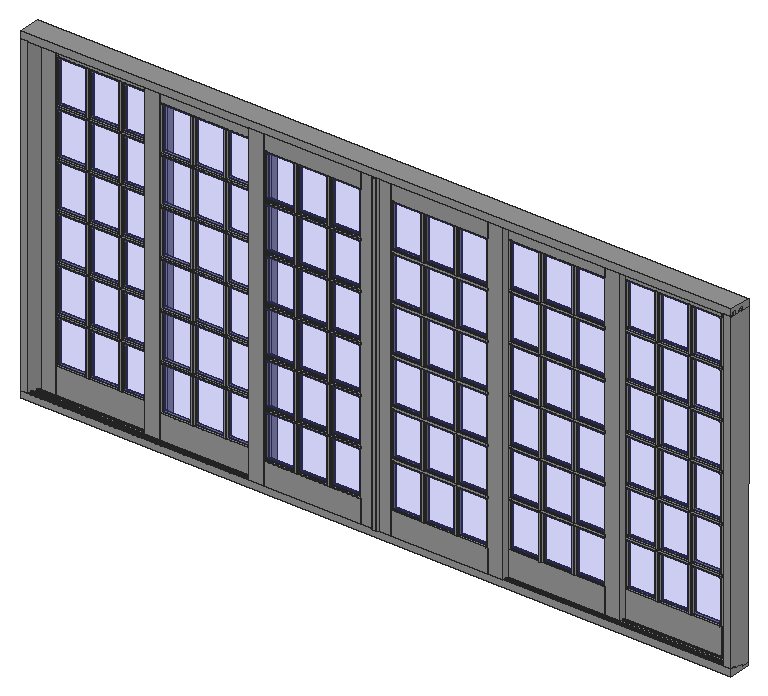
Revit family "VSD4.6SPCOTS", category Doors, host Wall, Revit 2015 (continued)
Forms (mm)
  Extrusion 72, solid, material "Lauan, Meranti"
    sketch origin (55, -101, 0) x (-1, 0, 0) y (0, -1, 0)
      loop
        line (551.68, -39) -> (549.68, -39) -> (549.68, -41) -> (558.68, -41) -> (558.68, -71) -> (571.68, -71) -> (571.68, -41) -> (580.68, -41) -> (580.68, -39) -> (578.68, -39)
        arc (578.68, -39) -> (576.35, -34.634) -> (571.68, -33) r 6.807
        line (571.68, -33) -> (571.68, -31) -> (558.68, -31)
    from 1675 to 1959
  Sweep 73, solid, material "Lauan, Meranti"
    path origin (9.715, -176, -781.763) x (-1, 0, 0) y (0, 0, -1)
      loop
        line (316.075, -2740.763) -> (513.395, -2740.763) -> (513.395, -2456.763) -> (316.075, -2456.763) -> (316.075, -2740.763)
    profile origin (-405.02, -176, 1959) x (0, 0, -1) y (0, -1, 0)
      loop
        line (9, -124.5) -> (0, -124.5) -> (0, -132.5)
        arc (0, -132.5) -> (4.67, -130.866) -> (7, -126.5) r 6.807
        line (7, -126.5) -> (9, -126.5) -> (9, -124.5)
  Sweep 74, solid, material "Lauan, Meranti"
    path origin (220.055, -176, -781.763) x (-1, 0, 0) y (0, 0, -1)
      loop
        line (316.075, -2740.763) -> (513.395, -2740.763) -> (513.395, -2456.763) -> (316.075, -2456.763) -> (316.075, -2740.763)
    profile origin (-194.68, -176, 1959) x (0, 0, -1) y (0, -1, 0)
      loop
        line (9, -124.5) -> (0, -124.5) -> (0, -132.5)
        arc (0, -132.5) -> (4.67, -130.866) -> (7, -126.5) r 6.807
        line (7, -126.5) -> (9, -126.5) -> (9, -124.5)
  Sweep 75, solid, material "Lauan, Meranti"
    path origin (-200.605, -176, -1078.763) x (-1, 0, 0) y (0, 0, -1)
      loop
        line (316.075, -2740.763) -> (513.395, -2740.763) -> (513.395, -2456.763) -> (316.075, -2456.763) -> (316.075, -2740.763)
    profile origin (-615.34, -176, 1662) x (0, 0, -1) y (0, -1, 0)
      loop
        line (9, -124.5) -> (0, -124.5) -> (0, -132.5)
        arc (0, -132.5) -> (4.67, -130.866) -> (7, -126.5) r 6.807
        line (7, -126.5) -> (9, -126.5) -> (9, -124.5)
  Extrusion 76, solid, material "Lauan, Meranti"
    sketch origin (55, -101, -297) x (-1, 0, 0) y (0, -1, 0)
      loop
        line (348.34, -31) -> (348.34, -33)
        arc (348.34, -33) -> (343.67, -34.634) -> (341.34, -39) r 6.807
        line (341.34, -39) -> (339.34, -39) -> (339.34, -41) -> (348.34, -41) -> (348.34, -71) -> (361.34, -71) -> (361.34, -41) -> (370.34, -41) -> (370.34, -39) -> (368.34, -39)
        arc (368.34, -39) -> (366.01, -34.634) -> (361.34, -33) r 6.807
        line (361.34, -33) -> (361.34, -31) -> (348.34, -31)
      loop
        line (558.68, -31) -> (558.68, -33)
        arc (558.68, -33) -> (554.01, -34.634) -> (551.68, -39) r 6.807
        line (551.68, -39) -> (549.68, -39) -> (549.68, -41) -> (558.68, -41) -> (558.68, -71) -> (571.68, -71) -> (571.68, -41) -> (580.68, -41) -> (580.68, -39) -> (578.68, -39)
        arc (578.68, -39) -> (576.35, -34.634) -> (571.68, -33) r 6.807
        line (571.68, -33) -> (571.68, -31) -> (558.68, -31)
    from 1675 to 1959
  Sweep 77, solid, material "Lauan, Meranti"
    path origin (9.715, -176, -1078.763) x (-1, 0, 0) y (0, 0, -1)
      loop
        line (316.075, -2740.763) -> (513.395, -2740.763) -> (513.395, -2456.763) -> (316.075, -2456.763) -> (316.075, -2740.763)
    profile origin (-405.02, -176, 1662) x (0, 0, -1) y (0, -1, 0)
      loop
        line (9, -124.5) -> (0, -124.5) -> (0, -132.5)
        arc (0, -132.5) -> (4.67, -130.866) -> (7, -126.5) r 6.807
        line (7, -126.5) -> (9, -126.5) -> (9, -124.5)
  Sweep 78, solid, material "Lauan, Meranti"
    path origin (220.055, -176, -1078.763) x (-1, 0, 0) y (0, 0, -1)
      loop
        line (316.075, -2740.763) -> (513.395, -2740.763) -> (513.395, -2456.763) -> (316.075, -2456.763) -> (316.075, -2740.763)
    profile origin (-194.68, -176, 1662) x (0, 0, -1) y (0, -1, 0)
      loop
        line (9, -124.5) -> (0, -124.5) -> (0, -132.5)
        arc (0, -132.5) -> (4.67, -130.866) -> (7, -126.5) r 6.807
        line (7, -126.5) -> (9, -126.5) -> (9, -124.5)
  Sweep 79, solid, material "Lauan, Meranti"
    path origin (-200.605, -176, -1375.763) x (-1, 0, 0) y (0, 0, -1)
      loop
        line (316.075, -2740.763) -> (513.395, -2740.763) -> (513.395, -2456.763) -> (316.075, -2456.763) -> (316.075, -2740.763)
    profile origin (-615.34, -176, 1365) x (0, 0, -1) y (0, -1, 0)
      loop
        line (9, -124.5) -> (0, -124.5) -> (0, -132.5)
        arc (0, -132.5) -> (4.67, -130.866) -> (7, -126.5) r 6.807
        line (7, -126.5) -> (9, -126.5) -> (9, -124.5)
  Extrusion 80, solid, material "Lauan, Meranti"
    sketch origin (55, -101, -594) x (-1, 0, 0) y (0, -1, 0)
      loop
        line (348.34, -31) -> (348.34, -33)
        arc (348.34, -33) -> (343.67, -34.634) -> (341.34, -39) r 6.807
        line (341.34, -39) -> (339.34, -39) -> (339.34, -41) -> (348.34, -41) -> (348.34, -71) -> (361.34, -71) -> (361.34, -41) -> (370.34, -41) -> (370.34, -39) -> (368.34, -39)
        arc (368.34, -39) -> (366.01, -34.634) -> (361.34, -33) r 6.807
        line (361.34, -33) -> (361.34, -31) -> (348.34, -31)
      loop
        line (558.68, -31) -> (558.68, -33)
        arc (558.68, -33) -> (554.01, -34.634) -> (551.68, -39) r 6.807
        line (551.68, -39) -> (549.68, -39) -> (549.68, -41) -> (558.68, -41) -> (558.68, -71) -> (571.68, -71) -> (571.68, -41) -> (580.68, -41) -> (580.68, -39) -> (578.68, -39)
        arc (578.68, -39) -> (576.35, -34.634) -> (571.68, -33) r 6.807
        line (571.68, -33) -> (571.68, -31) -> (558.68, -31)
    from 1675 to 1959
  Sweep 81, solid, material "Lauan, Meranti"
    path origin (9.715, -176, -1375.763) x (-1, 0, 0) y (0, 0, -1)
      loop
        line (316.075, -2740.763) -> (513.395, -2740.763) -> (513.395, -2456.763) -> (316.075, -2456.763) -> (316.075, -2740.763)
    profile origin (-405.02, -176, 1365) x (0, 0, -1) y (0, -1, 0)
      loop
        line (9, -124.5) -> (0, -124.5) -> (0, -132.5)
        arc (0, -132.5) -> (4.67, -130.866) -> (7, -126.5) r 6.807
        line (7, -126.5) -> (9, -126.5) -> (9, -124.5)
  Sweep 82, solid, material "Lauan, Meranti"
    path origin (220.055, -176, -1375.763) x (-1, 0, 0) y (0, 0, -1)
      loop
        line (316.075, -2740.763) -> (513.395, -2740.763) -> (513.395, -2456.763) -> (316.075, -2456.763) -> (316.075, -2740.763)
    profile origin (-194.68, -176, 1365) x (0, 0, -1) y (0, -1, 0)
      loop
        line (9, -124.5) -> (0, -124.5) -> (0, -132.5)
        arc (0, -132.5) -> (4.67, -130.866) -> (7, -126.5) r 6.807
        line (7, -126.5) -> (9, -126.5) -> (9, -124.5)
  Sweep 83, solid, material "Lauan, Meranti"
    path origin (-200.605, -176, -1672.763) x (-1, 0, 0) y (0, 0, -1)
      loop
        line (316.075, -2740.763) -> (513.395, -2740.763) -> (513.395, -2456.763) -> (316.075, -2456.763) -> (316.075, -2740.763)
    profile origin (-615.34, -176, 1068) x (0, 0, -1) y (0, -1, 0)
      loop
        line (9, -124.5) -> (0, -124.5) -> (0, -132.5)
        arc (0, -132.5) -> (4.67, -130.866) -> (7, -126.5) r 6.807
        line (7, -126.5) -> (9, -126.5) -> (9, -124.5)
  Extrusion 84, solid, material "Lauan, Meranti"
    sketch origin (55, -101, -891) x (-1, 0, 0) y (0, -1, 0)
      loop
        line (348.34, -31) -> (348.34, -33)
        arc (348.34, -33) -> (343.67, -34.634) -> (341.34, -39) r 6.807
        line (341.34, -39) -> (339.34, -39) -> (339.34, -41) -> (348.34, -41) -> (348.34, -71) -> (361.34, -71) -> (361.34, -41) -> (370.34, -41) -> (370.34, -39) -> (368.34, -39)
        arc (368.34, -39) -> (366.01, -34.634) -> (361.34, -33) r 6.807
        line (361.34, -33) -> (361.34, -31) -> (348.34, -31)
      loop
        line (558.68, -31) -> (558.68, -33)
        arc (558.68, -33) -> (554.01, -34.634) -> (551.68, -39) r 6.807
        line (551.68, -39) -> (549.68, -39) -> (549.68, -41) -> (558.68, -41) -> (558.68, -71) -> (571.68, -71) -> (571.68, -41) -> (580.68, -41) -> (580.68, -39) -> (578.68, -39)
        arc (578.68, -39) -> (576.35, -34.634) -> (571.68, -33) r 6.807
        line (571.68, -33) -> (571.68, -31) -> (558.68, -31)
    from 1675 to 1959
  Sweep 85, solid, material "Lauan, Meranti"
    path origin (9.715, -176, -1672.763) x (-1, 0, 0) y (0, 0, -1)
      loop
        line (316.075, -2740.763) -> (513.395, -2740.763) -> (513.395, -2456.763) -> (316.075, -2456.763) -> (316.075, -2740.763)
    profile origin (-405.02, -176, 1068) x (0, 0, -1) y (0, -1, 0)
      loop
        line (9, -124.5) -> (0, -124.5) -> (0, -132.5)
        arc (0, -132.5) -> (4.67, -130.866) -> (7, -126.5) r 6.807
        line (7, -126.5) -> (9, -126.5) -> (9, -124.5)
  Sweep 86, solid, material "Lauan, Meranti"
    path origin (220.055, -176, -1672.763) x (-1, 0, 0) y (0, 0, -1)
      loop
        line (316.075, -2740.763) -> (513.395, -2740.763) -> (513.395, -2456.763) -> (316.075, -2456.763) -> (316.075, -2740.763)
    profile origin (-194.68, -176, 1068) x (0, 0, -1) y (0, -1, 0)
      loop
        line (9, -124.5) -> (0, -124.5) -> (0, -132.5)
        arc (0, -132.5) -> (4.67, -130.866) -> (7, -126.5) r 6.807
        line (7, -126.5) -> (9, -126.5) -> (9, -124.5)
  Sweep 87, solid, material "Lauan, Meranti"
    path origin (-200.605, -176, -1969.763) x (-1, 0, 0) y (0, 0, -1)
      loop
        line (316.075, -2740.763) -> (513.395, -2740.763) -> (513.395, -2456.763) -> (316.075, -2456.763) -> (316.075, -2740.763)
    profile origin (-615.34, -176, 771) x (0, 0, -1) y (0, -1, 0)
      loop
        line (9, -124.5) -> (0, -124.5) -> (0, -132.5)
        arc (0, -132.5) -> (4.67, -130.866) -> (7, -126.5) r 6.807
        line (7, -126.5) -> (9, -126.5) -> (9, -124.5)
  Extrusion 88, solid, material "Lauan, Meranti"
    sketch origin (55, -101, -1188) x (-1, 0, 0) y (0, -1, 0)
      loop
        line (348.34, -31) -> (348.34, -33)
        arc (348.34, -33) -> (343.67, -34.634) -> (341.34, -39) r 6.807
        line (341.34, -39) -> (339.34, -39) -> (339.34, -41) -> (348.34, -41) -> (348.34, -71) -> (361.34, -71) -> (361.34, -41) -> (370.34, -41) -> (370.34, -39) -> (368.34, -39)
        arc (368.34, -39) -> (366.01, -34.634) -> (361.34, -33) r 6.807
        line (361.34, -33) -> (361.34, -31) -> (348.34, -31)
      loop
        line (558.68, -31) -> (558.68, -33)
        arc (558.68, -33) -> (554.01, -34.634) -> (551.68, -39) r 6.807
        line (551.68, -39) -> (549.68, -39) -> (549.68, -41) -> (558.68, -41) -> (558.68, -71) -> (571.68, -71) -> (571.68, -41) -> (580.68, -41) -> (580.68, -39) -> (578.68, -39)
        arc (578.68, -39) -> (576.35, -34.634) -> (571.68, -33) r 6.807
        line (571.68, -33) -> (571.68, -31) -> (558.68, -31)
    from 1675 to 1959
  Sweep 89, solid, material "Lauan, Meranti"
    path origin (9.715, -176, -1969.763) x (-1, 0, 0) y (0, 0, -1)
      loop
        line (316.075, -2740.763) -> (513.395, -2740.763) -> (513.395, -2456.763) -> (316.075, -2456.763) -> (316.075, -2740.763)
    profile origin (-405.02, -176, 771) x (0, 0, -1) y (0, -1, 0)
      loop
        line (9, -124.5) -> (0, -124.5) -> (0, -132.5)
        arc (0, -132.5) -> (4.67, -130.866) -> (7, -126.5) r 6.807
        line (7, -126.5) -> (9, -126.5) -> (9, -124.5)
  Sweep 90, solid, material "Lauan, Meranti"
    path origin (220.055, -176, -1969.763) x (-1, 0, 0) y (0, 0, -1)
      loop
        line (316.075, -2740.763) -> (513.395, -2740.763) -> (513.395, -2456.763) -> (316.075, -2456.763) -> (316.075, -2740.763)
    profile origin (-194.68, -176, 771) x (0, 0, -1) y (0, -1, 0)
      loop
        line (9, -124.5) -> (0, -124.5) -> (0, -132.5)
        arc (0, -132.5) -> (4.67, -130.866) -> (7, -126.5) r 6.807
        line (7, -126.5) -> (9, -126.5) -> (9, -124.5)
  Sweep 91, solid, material "Lauan, Meranti"
    path origin (-200.605, -176, -2266.763) x (-1, 0, 0) y (0, 0, -1)
      loop
        line (316.075, -2740.763) -> (513.395, -2740.763) -> (513.395, -2456.763) -> (316.075, -2456.763) -> (316.075, -2740.763)
    profile origin (-615.34, -176, 474) x (0, 0, -1) y (0, -1, 0)
      loop
        line (9, -124.5) -> (0, -124.5) -> (0, -132.5)
        arc (0, -132.5) -> (4.67, -130.866) -> (7, -126.5) r 6.807
        line (7, -126.5) -> (9, -126.5) -> (9, -124.5)
  Extrusion 92, solid, material "Lauan, Meranti"
    sketch origin (55, -101, -1485) x (-1, 0, 0) y (0, -1, 0)
      loop
        line (348.34, -31) -> (348.34, -33)
        arc (348.34, -33) -> (343.67, -34.634) -> (341.34, -39) r 6.807
        line (341.34, -39) -> (339.34, -39) -> (339.34, -41) -> (348.34, -41) -> (348.34, -71) -> (361.34, -71) -> (361.34, -41) -> (370.34, -41) -> (370.34, -39) -> (368.34, -39)
        arc (368.34, -39) -> (366.01, -34.634) -> (361.34, -33) r 6.807
        line (361.34, -33) -> (361.34, -31) -> (348.34, -31)
      loop
        line (558.68, -31) -> (558.68, -33)
        arc (558.68, -33) -> (554.01, -34.634) -> (551.68, -39) r 6.807
        line (551.68, -39) -> (549.68, -39) -> (549.68, -41) -> (558.68, -41) -> (558.68, -71) -> (571.68, -71) -> (571.68, -41) -> (580.68, -41) -> (580.68, -39) -> (578.68, -39)
        arc (578.68, -39) -> (576.35, -34.634) -> (571.68, -33) r 6.807
        line (571.68, -33) -> (571.68, -31) -> (558.68, -31)
    from 1675 to 1959
  Sweep 93, solid, material "Lauan, Meranti"
    path origin (9.715, -176, -2266.763) x (-1, 0, 0) y (0, 0, -1)
      loop
        line (316.075, -2740.763) -> (513.395, -2740.763) -> (513.395, -2456.763) -> (316.075, -2456.763) -> (316.075, -2740.763)
    profile origin (-405.02, -176, 474) x (0, 0, -1) y (0, -1, 0)
      loop
        line (9, -124.5) -> (0, -124.5) -> (0, -132.5)
        arc (0, -132.5) -> (4.67, -130.866) -> (7, -126.5) r 6.807
        line (7, -126.5) -> (9, -126.5) -> (9, -124.5)
  Sweep 94, solid, material "Lauan, Meranti"
    path origin (220.055, -176, -2266.763) x (-1, 0, 0) y (0, 0, -1)
      loop
        line (316.075, -2740.763) -> (513.395, -2740.763) -> (513.395, -2456.763) -> (316.075, -2456.763) -> (316.075, -2740.763)
    profile origin (-194.68, -176, 474) x (0, 0, -1) y (0, -1, 0)
      loop
        line (9, -124.5) -> (0, -124.5) -> (0, -132.5)
        arc (0, -132.5) -> (4.67, -130.866) -> (7, -126.5) r 6.807
        line (7, -126.5) -> (9, -126.5) -> (9, -124.5)
  Extrusion 95, solid, material "Glass"
    sketch origin (-473.125, -165.05, -73.649) x (-1, 0, 0) y (0, 0, -1)
      loop
        line (43.555, -2032.649) -> (240.865, -2032.649) -> (240.865, -1748.66) -> (43.555, -1748.66) -> (43.555, -2032.649)
      loop
        line (43.565, -1735.638) -> (240.875, -1735.638) -> (240.875, -1451.649) -> (43.565, -1451.649) -> (43.565, -1735.638)
      loop
        line (43.565, -1438.638) -> (240.865, -1438.638) -> (240.865, -1154.66) -> (43.565, -1154.66) -> (43.565, -1438.638)
      loop
        line (43.565, -1141.638) -> (240.865, -1141.638) -> (240.865, -857.66) -> (43.565, -857.66) -> (43.565, -1141.638)
      loop
        line (43.565, -844.638) -> (240.875, -844.638) -> (240.875, -560.649) -> (43.565, -560.649) -> (43.565, -844.638)
      loop
        line (43.555, -547.649) -> (240.875, -547.649) -> (240.875, -263.649) -> (43.555, -263.649) -> (43.555, -547.649)
      loop
        line (-166.765, -2032.649) -> (30.545, -2032.649) -> (30.545, -1748.66) -> (-166.765, -1748.66) -> (-166.765, -2032.649)
      loop
        line (-166.755, -1735.638) -> (30.555, -1735.638) -> (30.555, -1451.649) -> (-166.755, -1451.649) -> (-166.755, -1735.638)
      loop
        line (-166.755, -1438.638) -> (30.545, -1438.638) -> (30.545, -1154.66) -> (-166.755, -1154.66) -> (-166.755, -1438.638)
      loop
        line (-166.755, -1141.638) -> (30.545, -1141.638) -> (30.545, -857.66) -> (-166.755, -857.66) -> (-166.755, -1141.638)
      loop
        line (-166.755, -844.638) -> (30.555, -844.638) -> (30.555, -560.649) -> (-166.755, -560.649) -> (-166.755, -844.638)
      loop
        line (-166.765, -547.649) -> (30.555, -547.649) -> (30.555, -263.649) -> (-166.765, -263.649) -> (-166.765, -547.649)
      loop
        line (-377.125, -2032.649) -> (-179.815, -2032.649) -> (-179.815, -1748.66) -> (-377.125, -1748.66) -> (-377.125, -2032.649)
      loop
        line (-377.115, -1735.638) -> (-179.805, -1735.638) -> (-179.805, -1451.649) -> (-377.115, -1451.649) -> (-377.115, -1735.638)
      loop
        line (-377.115, -1438.638) -> (-179.815, -1438.638) -> (-179.815, -1154.66) -> (-377.115, -1154.66) -> (-377.115, -1438.638)
      loop
        line (-377.115, -1141.638) -> (-179.815, -1141.638) -> (-179.815, -857.66) -> (-377.115, -857.66) -> (-377.115, -1141.638)
      loop
        line (-377.115, -844.638) -> (-179.805, -844.638) -> (-179.805, -560.649) -> (-377.115, -560.649) -> (-377.115, -844.638)
      loop
        line (-377.125, -547.649) -> (-179.805, -547.649) -> (-179.805, -263.649) -> (-377.125, -263.649) -> (-377.125, -547.649)
    from -112.5 to -106.1
  Extrusion 96, solid, material "Lauan, Meranti"
    sketch origin (2375, 49.5, 0) x (0, 1, 0) y (0, 0, 1)
      loop
        line (-15.5, 190) -> (-15.5, 21) -> (24.5, 21) -> (24.5, 190) -> (-5.5, 190) -> (-5.5, 199) -> (-7.5, 199) -> (-7.5, 197)
        arc (-7.5, 197) -> (-11.866, 194.67) -> (-13.5, 190) r 6.807
        line (-13.5, 190) -> (-15.5, 190)
      loop
        line (-7.5, 1952) -> (-7.5, 1950) -> (-5.5, 1950) -> (-5.5, 1959) -> (24.5, 1959) -> (24.5, 2055) -> (-15.5, 2055) -> (-15.5, 1959) -> (-13.5, 1959)
        arc (-13.5, 1959) -> (-11.866, 1954.33) -> (-7.5, 1952) r 6.807
      loop
        line (-15.5, 1675) -> (-15.5, 1662) -> (-13.5, 1662)
        arc (-13.5, 1662) -> (-11.866, 1657.33) -> (-7.5, 1655) r 6.807
        line (-7.5, 1655) -> (-7.5, 1653) -> (-5.5, 1653) -> (-5.5, 1662) -> (24.5, 1662) -> (24.5, 1675) -> (-5.5, 1675) -> (-5.5, 1684) -> (-7.5, 1684) -> (-7.5, 1682)
        arc (-7.5, 1682) -> (-11.866, 1679.67) -> (-13.5, 1675) r 6.807
        line (-13.5, 1675) -> (-15.5, 1675)
      loop
        line (-15.5, 1378) -> (-15.5, 1365) -> (-13.5, 1365)
        arc (-13.5, 1365) -> (-11.866, 1360.33) -> (-7.5, 1358) r 6.807
        line (-7.5, 1358) -> (-7.5, 1356) -> (-5.5, 1356) -> (-5.5, 1365) -> (24.5, 1365) -> (24.5, 1378) -> (-5.5, 1378) -> (-5.5, 1387) -> (-7.5, 1387) -> (-7.5, 1385)
        arc (-7.5, 1385) -> (-11.866, 1382.67) -> (-13.5, 1378) r 6.807
        line (-13.5, 1378) -> (-15.5, 1378)
      loop
        line (-15.5, 1081) -> (-15.5, 1068) -> (-13.5, 1068)
        arc (-13.5, 1068) -> (-11.866, 1063.33) -> (-7.5, 1061) r 6.807
        line (-7.5, 1061) -> (-7.5, 1059) -> (-5.5, 1059) -> (-5.5, 1068) -> (24.5, 1068) -> (24.5, 1081) -> (-5.5, 1081) -> (-5.5, 1090) -> (-7.5, 1090) -> (-7.5, 1088)
        arc (-7.5, 1088) -> (-11.866, 1085.67) -> (-13.5, 1081) r 6.807
        line (-13.5, 1081) -> (-15.5, 1081)
      loop
        line (-15.5, 784) -> (-15.5, 771) -> (-13.5, 771)
        arc (-13.5, 771) -> (-11.866, 766.33) -> (-7.5, 764) r 6.807
        line (-7.5, 764) -> (-7.5, 762) -> (-5.5, 762) -> (-5.5, 771) -> (24.5, 771) -> (24.5, 784) -> (-5.5, 784) -> (-5.5, 793) -> (-7.5, 793) -> (-7.5, 791)
        arc (-7.5, 791) -> (-11.866, 788.67) -> (-13.5, 784) r 6.807
        line (-13.5, 784) -> (-15.5, 784)
      loop
        line (-15.5, 487) -> (-15.5, 474) -> (-13.5, 474)
        arc (-13.5, 474) -> (-11.866, 469.33) -> (-7.5, 467) r 6.807
        line (-7.5, 467) -> (-7.5, 465) -> (-5.5, 465) -> (-5.5, 474) -> (24.5, 474) -> (24.5, 487) -> (-5.5, 487) -> (-5.5, 496) -> (-7.5, 496) -> (-7.5, 494)
        arc (-7.5, 494) -> (-11.866, 491.67) -> (-13.5, 487) r 6.807
        line (-13.5, 487) -> (-15.5, 487)
    from -869 to -251
  Sweep 97, solid, material "Lauan, Meranti"
    path origin (1610.605, -72, -781.763) x (1, 0, 0) y (0, 0, 1)
      loop
        line (316.075, 2740.763) -> (316.075, 2456.763) -> (513.395, 2456.763) -> (513.395, 2740.763) -> (316.075, 2740.763)
    profile origin (2025.34, -72, 1959) x (0, 0, 1) y (0, -1, 0)
      loop
        line (-9, -124.5) -> (-9, -126.5) -> (-7, -126.5)
        arc (-7, -126.5) -> (-4.67, -130.866) -> (0, -132.5) r 6.807
        line (0, -132.5) -> (0, -124.5) -> (-9, -124.5)
  Extrusion 98, solid, material "Glass"
    sketch origin (1883.125, -61.05, -73.649) x (1, 0, 0) y (0, 0, 1)
      loop
        line (43.555, 2032.649) -> (43.555, 1748.66) -> (240.865, 1748.66) -> (240.865, 2032.649) -> (43.555, 2032.649)
      loop
        line (43.565, 1735.638) -> (43.565, 1451.649) -> (240.875, 1451.649) -> (240.875, 1735.638) -> (43.565, 1735.638)
      loop
        line (43.565, 1438.638) -> (43.565, 1154.66) -> (240.865, 1154.66) -> (240.865, 1438.638) -> (43.565, 1438.638)
      loop
        line (43.565, 1141.638) -> (43.565, 857.66) -> (240.865, 857.66) -> (240.865, 1141.638) -> (43.565, 1141.638)
      loop
        line (43.565, 844.638) -> (43.565, 560.649) -> (240.875, 560.649) -> (240.875, 844.638) -> (43.565, 844.638)
      loop
        line (43.555, 547.649) -> (43.555, 263.649) -> (240.875, 263.649) -> (240.875, 547.649) -> (43.555, 547.649)
      loop
        line (-166.765, 2032.649) -> (-166.765, 1748.66) -> (30.545, 1748.66) -> (30.545, 2032.649) -> (-166.765, 2032.649)
      loop
        line (-166.755, 1735.638) -> (-166.755, 1451.649) -> (30.555, 1451.649) -> (30.555, 1735.638) -> (-166.755, 1735.638)
      loop
        line (-166.755, 1438.638) -> (-166.755, 1154.66) -> (30.545, 1154.66) -> (30.545, 1438.638) -> (-166.755, 1438.638)
      loop
        line (-166.755, 1141.638) -> (-166.755, 857.66) -> (30.545, 857.66) -> (30.545, 1141.638) -> (-166.755, 1141.638)
      loop
        line (-166.755, 844.638) -> (-166.755, 560.649) -> (30.555, 560.649) -> (30.555, 844.638) -> (-166.755, 844.638)
      loop
        line (-166.765, 547.649) -> (-166.765, 263.649) -> (30.555, 263.649) -> (30.555, 547.649) -> (-166.765, 547.649)
      loop
        line (-377.125, 2032.649) -> (-377.125, 1748.66) -> (-179.815, 1748.66) -> (-179.815, 2032.649) -> (-377.125, 2032.649)
      loop
        line (-377.115, 1735.638) -> (-377.115, 1451.649) -> (-179.805, 1451.649) -> (-179.805, 1735.638) -> (-377.115, 1735.638)
      loop
        line (-377.115, 1438.638) -> (-377.115, 1154.66) -> (-179.815, 1154.66) -> (-179.815, 1438.638) -> (-377.115, 1438.638)
      loop
        line (-377.115, 1141.638) -> (-377.115, 857.66) -> (-179.815, 857.66) -> (-179.815, 1141.638) -> (-377.115, 1141.638)
      loop
        line (-377.115, 844.638) -> (-377.115, 560.649) -> (-179.805, 560.649) -> (-179.805, 844.638) -> (-377.115, 844.638)
      loop
        line (-377.125, 547.649) -> (-377.125, 263.649) -> (-179.805, 263.649) -> (-179.805, 547.649) -> (-377.125, 547.649)
    from -112.5 to -106.1
  Extrusion 99, solid, material "Lauan, Meranti"
    sketch origin (1355, 3, 0) x (1, 0, 0) y (0, 1, 0)
      loop
        line (348.34, 31) -> (361.34, 31) -> (361.34, 33)
        arc (361.34, 33) -> (366.01, 34.634) -> (368.34, 39) r 6.807
        line (368.34, 39) -> (370.34, 39) -> (370.34, 41) -> (361.34, 41) -> (361.34, 71) -> (348.34, 71) -> (348.34, 41) -> (339.34, 41) -> (339.34, 39) -> (341.34, 39)
        arc (341.34, 39) -> (343.67, 34.634) -> (348.34, 33) r 6.807
        line (348.34, 33) -> (348.34, 31)
      loop
        line (558.68, 31) -> (571.68, 31) -> (571.68, 33)
        arc (571.68, 33) -> (576.35, 34.634) -> (578.68, 39) r 6.807
        line (578.68, 39) -> (580.68, 39) -> (580.68, 41) -> (571.68, 41) -> (571.68, 71) -> (558.68, 71) -> (558.68, 41) -> (549.68, 41) -> (549.68, 39) -> (551.68, 39)
        arc (551.68, 39) -> (554.01, 34.634) -> (558.68, 33) r 6.807
        line (558.68, 33) -> (558.68, 31)
    from 1675 to 1959
  Sweep 100, solid, material "Lauan, Meranti"
    path origin (1400.285, -72, -781.763) x (1, 0, 0) y (0, 0, 1)
      loop
        line (316.075, 2740.763) -> (316.075, 2456.763) -> (513.395, 2456.763) -> (513.395, 2740.763) -> (316.075, 2740.763)
    profile origin (1815.02, -72, 1959) x (0, 0, 1) y (0, -1, 0)
      loop
        line (-9, -124.5) -> (-9, -126.5) -> (-7, -126.5)
        arc (-7, -126.5) -> (-4.67, -130.866) -> (0, -132.5) r 6.807
        line (0, -132.5) -> (0, -124.5) -> (-9, -124.5)
  Sweep 101, solid, material "Lauan, Meranti"
    path origin (1189.945, -72, -781.763) x (1, 0, 0) y (0, 0, 1)
      loop
        line (316.075, 2740.763) -> (316.075, 2456.763) -> (513.395, 2456.763) -> (513.395, 2740.763) -> (316.075, 2740.763)
    profile origin (1604.68, -72, 1959) x (0, 0, 1) y (0, -1, 0)
      loop
        line (-9, -124.5) -> (-9, -126.5) -> (-7, -126.5)
        arc (-7, -126.5) -> (-4.67, -130.866) -> (0, -132.5) r 6.807
        line (0, -132.5) -> (0, -124.5) -> (-9, -124.5)
  Sweep 102, solid, material "Lauan, Meranti"
    path origin (1610.605, -72, -1078.763) x (1, 0, 0) y (0, 0, 1)
      loop
        line (316.075, 2740.763) -> (316.075, 2456.763) -> (513.395, 2456.763) -> (513.395, 2740.763) -> (316.075, 2740.763)
    profile origin (2025.34, -72, 1662) x (0, 0, 1) y (0, -1, 0)
      loop
        line (-9, -124.5) -> (-9, -126.5) -> (-7, -126.5)
        arc (-7, -126.5) -> (-4.67, -130.866) -> (0, -132.5) r 6.807
        line (0, -132.5) -> (0, -124.5) -> (-9, -124.5)
  Extrusion 103, solid, material "Lauan, Meranti"
    sketch origin (1355, 3, -297) x (1, 0, 0) y (0, 1, 0)
      loop
        line (348.34, 31) -> (361.34, 31) -> (361.34, 33)
        arc (361.34, 33) -> (366.01, 34.634) -> (368.34, 39) r 6.807
        line (368.34, 39) -> (370.34, 39) -> (370.34, 41) -> (361.34, 41) -> (361.34, 71) -> (348.34, 71) -> (348.34, 41) -> (339.34, 41) -> (339.34, 39) -> (341.34, 39)
        arc (341.34, 39) -> (343.67, 34.634) -> (348.34, 33) r 6.807
        line (348.34, 33) -> (348.34, 31)
      loop
        line (558.68, 31) -> (571.68, 31) -> (571.68, 33)
        arc (571.68, 33) -> (576.35, 34.634) -> (578.68, 39) r 6.807
        line (578.68, 39) -> (580.68, 39) -> (580.68, 41) -> (571.68, 41) -> (571.68, 71) -> (558.68, 71) -> (558.68, 41) -> (549.68, 41) -> (549.68, 39) -> (551.68, 39)
        arc (551.68, 39) -> (554.01, 34.634) -> (558.68, 33) r 6.807
        line (558.68, 33) -> (558.68, 31)
    from 1675 to 1959
  Sweep 104, solid, material "Lauan, Meranti"
    path origin (1400.285, -72, -1078.763) x (1, 0, 0) y (0, 0, 1)
      loop
        line (316.075, 2740.763) -> (316.075, 2456.763) -> (513.395, 2456.763) -> (513.395, 2740.763) -> (316.075, 2740.763)
    profile origin (1815.02, -72, 1662) x (0, 0, 1) y (0, -1, 0)
      loop
        line (-9, -124.5) -> (-9, -126.5) -> (-7, -126.5)
        arc (-7, -126.5) -> (-4.67, -130.866) -> (0, -132.5) r 6.807
        line (0, -132.5) -> (0, -124.5) -> (-9, -124.5)
  Sweep 105, solid, material "Lauan, Meranti"
    path origin (1189.945, -72, -1078.763) x (1, 0, 0) y (0, 0, 1)
      loop
        line (316.075, 2740.763) -> (316.075, 2456.763) -> (513.395, 2456.763) -> (513.395, 2740.763) -> (316.075, 2740.763)
    profile origin (1604.68, -72, 1662) x (0, 0, 1) y (0, -1, 0)
      loop
        line (-9, -124.5) -> (-9, -126.5) -> (-7, -126.5)
        arc (-7, -126.5) -> (-4.67, -130.866) -> (0, -132.5) r 6.807
        line (0, -132.5) -> (0, -124.5) -> (-9, -124.5)
  Sweep 106, solid, material "Lauan, Meranti"
    path origin (1610.605, -72, -1375.763) x (1, 0, 0) y (0, 0, 1)
      loop
        line (316.075, 2740.763) -> (316.075, 2456.763) -> (513.395, 2456.763) -> (513.395, 2740.763) -> (316.075, 2740.763)
    profile origin (2025.34, -72, 1365) x (0, 0, 1) y (0, -1, 0)
      loop
        line (-9, -124.5) -> (-9, -126.5) -> (-7, -126.5)
        arc (-7, -126.5) -> (-4.67, -130.866) -> (0, -132.5) r 6.807
        line (0, -132.5) -> (0, -124.5) -> (-9, -124.5)
  Extrusion 107, solid, material "Lauan, Meranti"
    sketch origin (1355, 3, -594) x (1, 0, 0) y (0, 1, 0)
      loop
        line (348.34, 31) -> (361.34, 31) -> (361.34, 33)
        arc (361.34, 33) -> (366.01, 34.634) -> (368.34, 39) r 6.807
        line (368.34, 39) -> (370.34, 39) -> (370.34, 41) -> (361.34, 41) -> (361.34, 71) -> (348.34, 71) -> (348.34, 41) -> (339.34, 41) -> (339.34, 39) -> (341.34, 39)
        arc (341.34, 39) -> (343.67, 34.634) -> (348.34, 33) r 6.807
        line (348.34, 33) -> (348.34, 31)
      loop
        line (558.68, 31) -> (571.68, 31) -> (571.68, 33)
        arc (571.68, 33) -> (576.35, 34.634) -> (578.68, 39) r 6.807
        line (578.68, 39) -> (580.68, 39) -> (580.68, 41) -> (571.68, 41) -> (571.68, 71) -> (558.68, 71) -> (558.68, 41) -> (549.68, 41) -> (549.68, 39) -> (551.68, 39)
        arc (551.68, 39) -> (554.01, 34.634) -> (558.68, 33) r 6.807
        line (558.68, 33) -> (558.68, 31)
    from 1675 to 1959
  Sweep 108, solid, material "Lauan, Meranti"
    path origin (1400.285, -72, -1375.763) x (1, 0, 0) y (0, 0, 1)
      loop
        line (316.075, 2740.763) -> (316.075, 2456.763) -> (513.395, 2456.763) -> (513.395, 2740.763) -> (316.075, 2740.763)
    profile origin (1815.02, -72, 1365) x (0, 0, 1) y (0, -1, 0)
      loop
        line (-9, -124.5) -> (-9, -126.5) -> (-7, -126.5)
        arc (-7, -126.5) -> (-4.67, -130.866) -> (0, -132.5) r 6.807
        line (0, -132.5) -> (0, -124.5) -> (-9, -124.5)
  Sweep 109, solid, material "Lauan, Meranti"
    path origin (1189.945, -72, -1375.763) x (1, 0, 0) y (0, 0, 1)
      loop
        line (316.075, 2740.763) -> (316.075, 2456.763) -> (513.395, 2456.763) -> (513.395, 2740.763) -> (316.075, 2740.763)
    profile origin (1604.68, -72, 1365) x (0, 0, 1) y (0, -1, 0)
      loop
        line (-9, -124.5) -> (-9, -126.5) -> (-7, -126.5)
        arc (-7, -126.5) -> (-4.67, -130.866) -> (0, -132.5) r 6.807
        line (0, -132.5) -> (0, -124.5) -> (-9, -124.5)
  Sweep 110, solid, material "Lauan, Meranti"
    path origin (1610.605, -72, -1672.763) x (1, 0, 0) y (0, 0, 1)
      loop
        line (316.075, 2740.763) -> (316.075, 2456.763) -> (513.395, 2456.763) -> (513.395, 2740.763) -> (316.075, 2740.763)
    profile origin (2025.34, -72, 1068) x (0, 0, 1) y (0, -1, 0)
      loop
        line (-9, -124.5) -> (-9, -126.5) -> (-7, -126.5)
        arc (-7, -126.5) -> (-4.67, -130.866) -> (0, -132.5) r 6.807
        line (0, -132.5) -> (0, -124.5) -> (-9, -124.5)
  Extrusion 111, solid, material "Lauan, Meranti"
    sketch origin (1355, 3, -891) x (1, 0, 0) y (0, 1, 0)
      loop
        line (348.34, 31) -> (361.34, 31) -> (361.34, 33)
        arc (361.34, 33) -> (366.01, 34.634) -> (368.34, 39) r 6.807
        line (368.34, 39) -> (370.34, 39) -> (370.34, 41) -> (361.34, 41) -> (361.34, 71) -> (348.34, 71) -> (348.34, 41) -> (339.34, 41) -> (339.34, 39) -> (341.34, 39)
        arc (341.34, 39) -> (343.67, 34.634) -> (348.34, 33) r 6.807
        line (348.34, 33) -> (348.34, 31)
      loop
        line (558.68, 31) -> (571.68, 31) -> (571.68, 33)
        arc (571.68, 33) -> (576.35, 34.634) -> (578.68, 39) r 6.807
        line (578.68, 39) -> (580.68, 39) -> (580.68, 41) -> (571.68, 41) -> (571.68, 71) -> (558.68, 71) -> (558.68, 41) -> (549.68, 41) -> (549.68, 39) -> (551.68, 39)
        arc (551.68, 39) -> (554.01, 34.634) -> (558.68, 33) r 6.807
        line (558.68, 33) -> (558.68, 31)
    from 1675 to 1959
  Sweep 112, solid, material "Lauan, Meranti"
    path origin (1400.285, -72, -1672.763) x (1, 0, 0) y (0, 0, 1)
      loop
        line (316.075, 2740.763) -> (316.075, 2456.763) -> (513.395, 2456.763) -> (513.395, 2740.763) -> (316.075, 2740.763)
    profile origin (1815.02, -72, 1068) x (0, 0, 1) y (0, -1, 0)
      loop
        line (-9, -124.5) -> (-9, -126.5) -> (-7, -126.5)
        arc (-7, -126.5) -> (-4.67, -130.866) -> (0, -132.5) r 6.807
        line (0, -132.5) -> (0, -124.5) -> (-9, -124.5)
  Sweep 113, solid, material "Lauan, Meranti"
    path origin (1189.945, -72, -1672.763) x (1, 0, 0) y (0, 0, 1)
      loop
        line (316.075, 2740.763) -> (316.075, 2456.763) -> (513.395, 2456.763) -> (513.395, 2740.763) -> (316.075, 2740.763)
    profile origin (1604.68, -72, 1068) x (0, 0, 1) y (0, -1, 0)
      loop
        line (-9, -124.5) -> (-9, -126.5) -> (-7, -126.5)
        arc (-7, -126.5) -> (-4.67, -130.866) -> (0, -132.5) r 6.807
        line (0, -132.5) -> (0, -124.5) -> (-9, -124.5)
  Sweep 114, solid, material "Lauan, Meranti"
    path origin (1610.605, -72, -1969.763) x (1, 0, 0) y (0, 0, 1)
      loop
        line (316.075, 2740.763) -> (316.075, 2456.763) -> (513.395, 2456.763) -> (513.395, 2740.763) -> (316.075, 2740.763)
    profile origin (2025.34, -72, 771) x (0, 0, 1) y (0, -1, 0)
      loop
        line (-9, -124.5) -> (-9, -126.5) -> (-7, -126.5)
        arc (-7, -126.5) -> (-4.67, -130.866) -> (0, -132.5) r 6.807
        line (0, -132.5) -> (0, -124.5) -> (-9, -124.5)
  Extrusion 115, solid, material "Lauan, Meranti"
    sketch origin (1355, 3, -1188) x (1, 0, 0) y (0, 1, 0)
      loop
        line (348.34, 31) -> (361.34, 31) -> (361.34, 33)
        arc (361.34, 33) -> (366.01, 34.634) -> (368.34, 39) r 6.807
        line (368.34, 39) -> (370.34, 39) -> (370.34, 41) -> (361.34, 41) -> (361.34, 71) -> (348.34, 71) -> (348.34, 41) -> (339.34, 41) -> (339.34, 39) -> (341.34, 39)
        arc (341.34, 39) -> (343.67, 34.634) -> (348.34, 33) r 6.807
        line (348.34, 33) -> (348.34, 31)
      loop
        line (558.68, 31) -> (571.68, 31) -> (571.68, 33)
        arc (571.68, 33) -> (576.35, 34.634) -> (578.68, 39) r 6.807
        line (578.68, 39) -> (580.68, 39) -> (580.68, 41) -> (571.68, 41) -> (571.68, 71) -> (558.68, 71) -> (558.68, 41) -> (549.68, 41) -> (549.68, 39) -> (551.68, 39)
        arc (551.68, 39) -> (554.01, 34.634) -> (558.68, 33) r 6.807
        line (558.68, 33) -> (558.68, 31)
    from 1675 to 1959
  Sweep 116, solid, material "Lauan, Meranti"
    path origin (1400.285, -72, -1969.763) x (1, 0, 0) y (0, 0, 1)
      loop
        line (316.075, 2740.763) -> (316.075, 2456.763) -> (513.395, 2456.763) -> (513.395, 2740.763) -> (316.075, 2740.763)
    profile origin (1815.02, -72, 771) x (0, 0, 1) y (0, -1, 0)
      loop
        line (-9, -124.5) -> (-9, -126.5) -> (-7, -126.5)
        arc (-7, -126.5) -> (-4.67, -130.866) -> (0, -132.5) r 6.807
        line (0, -132.5) -> (0, -124.5) -> (-9, -124.5)
  Sweep 117, solid, material "Lauan, Meranti"
    path origin (1189.945, -72, -1969.763) x (1, 0, 0) y (0, 0, 1)
      loop
        line (316.075, 2740.763) -> (316.075, 2456.763) -> (513.395, 2456.763) -> (513.395, 2740.763) -> (316.075, 2740.763)
    profile origin (1604.68, -72, 771) x (0, 0, 1) y (0, -1, 0)
      loop
        line (-9, -124.5) -> (-9, -126.5) -> (-7, -126.5)
        arc (-7, -126.5) -> (-4.67, -130.866) -> (0, -132.5) r 6.807
        line (0, -132.5) -> (0, -124.5) -> (-9, -124.5)
  Sweep 118, solid, material "Lauan, Meranti"
    path origin (1610.605, -72, -2266.763) x (1, 0, 0) y (0, 0, 1)
      loop
        line (316.075, 2740.763) -> (316.075, 2456.763) -> (513.395, 2456.763) -> (513.395, 2740.763) -> (316.075, 2740.763)
    profile origin (2025.34, -72, 474) x (0, 0, 1) y (0, -1, 0)
      loop
        line (-9, -124.5) -> (-9, -126.5) -> (-7, -126.5)
        arc (-7, -126.5) -> (-4.67, -130.866) -> (0, -132.5) r 6.807
        line (0, -132.5) -> (0, -124.5) -> (-9, -124.5)
  Extrusion 119, solid, material "Lauan, Meranti"
    sketch origin (1355, 3, -1485) x (1, 0, 0) y (0, 1, 0)
      loop
        line (348.34, 31) -> (361.34, 31) -> (361.34, 33)
        arc (361.34, 33) -> (366.01, 34.634) -> (368.34, 39) r 6.807
        line (368.34, 39) -> (370.34, 39) -> (370.34, 41) -> (361.34, 41) -> (361.34, 71) -> (348.34, 71) -> (348.34, 41) -> (339.34, 41) -> (339.34, 39) -> (341.34, 39)
        arc (341.34, 39) -> (343.67, 34.634) -> (348.34, 33) r 6.807
        line (348.34, 33) -> (348.34, 31)
      loop
        line (558.68, 31) -> (571.68, 31) -> (571.68, 33)
        arc (571.68, 33) -> (576.35, 34.634) -> (578.68, 39) r 6.807
        line (578.68, 39) -> (580.68, 39) -> (580.68, 41) -> (571.68, 41) -> (571.68, 71) -> (558.68, 71) -> (558.68, 41) -> (549.68, 41) -> (549.68, 39) -> (551.68, 39)
        arc (551.68, 39) -> (554.01, 34.634) -> (558.68, 33) r 6.807
        line (558.68, 33) -> (558.68, 31)
    from 1675 to 1959
  Sweep 120, solid, material "Lauan, Meranti"
    path origin (1400.285, -72, -2266.763) x (1, 0, 0) y (0, 0, 1)
      loop
        line (316.075, 2740.763) -> (316.075, 2456.763) -> (513.395, 2456.763) -> (513.395, 2740.763) -> (316.075, 2740.763)
    profile origin (1815.02, -72, 474) x (0, 0, 1) y (0, -1, 0)
      loop
        line (-9, -124.5) -> (-9, -126.5) -> (-7, -126.5)
        arc (-7, -126.5) -> (-4.67, -130.866) -> (0, -132.5) r 6.807
        line (0, -132.5) -> (0, -124.5) -> (-9, -124.5)
  Sweep 121, solid, material "Lauan, Meranti"
    path origin (1189.945, -72, -2266.763) x (1, 0, 0) y (0, 0, 1)
      loop
        line (316.075, 2740.763) -> (316.075, 2456.763) -> (513.395, 2456.763) -> (513.395, 2740.763) -> (316.075, 2740.763)
    profile origin (1604.68, -72, 474) x (0, 0, 1) y (0, -1, 0)
      loop
        line (-9, -124.5) -> (-9, -126.5) -> (-7, -126.5)
        arc (-7, -126.5) -> (-4.67, -130.866) -> (0, -132.5) r 6.807
        line (0, -132.5) -> (0, -124.5) -> (-9, -124.5)
  Extrusion 122, solid, material "Lauan, Meranti"
    sketch origin (1670, 1.5, 0) x (0, 1, 0) y (0, 0, 1)
      loop
        line (-15.5, 190) -> (-15.5, 33) -> (24.5, 33) -> (24.5, 190) -> (-5.5, 190) -> (-5.5, 199) -> (-7.5, 199) -> (-7.5, 197)
        arc (-7.5, 197) -> (-11.866, 194.67) -> (-13.5, 190) r 6.807
        line (-13.5, 190) -> (-15.5, 190)
      loop
        line (-7.5, 1952) -> (-7.5, 1950) -> (-5.5, 1950) -> (-5.5, 1959) -> (24.5, 1959) -> (24.5, 2055) -> (-15.5, 2055) -> (-15.5, 1959) -> (-13.5, 1959)
        arc (-13.5, 1959) -> (-11.866, 1954.33) -> (-7.5, 1952) r 6.807
      loop
        line (-15.5, 1675) -> (-15.5, 1662) -> (-13.5, 1662)
        arc (-13.5, 1662) -> (-11.866, 1657.33) -> (-7.5, 1655) r 6.807
        line (-7.5, 1655) -> (-7.5, 1653) -> (-5.5, 1653) -> (-5.5, 1662) -> (24.5, 1662) -> (24.5, 1675) -> (-5.5, 1675) -> (-5.5, 1684) -> (-7.5, 1684) -> (-7.5, 1682)
        arc (-7.5, 1682) -> (-11.866, 1679.67) -> (-13.5, 1675) r 6.807
        line (-13.5, 1675) -> (-15.5, 1675)
      loop
        line (-15.5, 1378) -> (-15.5, 1365) -> (-13.5, 1365)
        arc (-13.5, 1365) -> (-11.866, 1360.33) -> (-7.5, 1358) r 6.807
        line (-7.5, 1358) -> (-7.5, 1356) -> (-5.5, 1356) -> (-5.5, 1365) -> (24.5, 1365) -> (24.5, 1378) -> (-5.5, 1378) -> (-5.5, 1387) -> (-7.5, 1387) -> (-7.5, 1385)
        arc (-7.5, 1385) -> (-11.866, 1382.67) -> (-13.5, 1378) r 6.807
        line (-13.5, 1378) -> (-15.5, 1378)
      loop
        line (-15.5, 1081) -> (-15.5, 1068) -> (-13.5, 1068)
        arc (-13.5, 1068) -> (-11.866, 1063.33) -> (-7.5, 1061) r 6.807
        line (-7.5, 1061) -> (-7.5, 1059) -> (-5.5, 1059) -> (-5.5, 1068) -> (24.5, 1068) -> (24.5, 1081) -> (-5.5, 1081) -> (-5.5, 1090) -> (-7.5, 1090) -> (-7.5, 1088)
        arc (-7.5, 1088) -> (-11.866, 1085.67) -> (-13.5, 1081) r 6.807
        line (-13.5, 1081) -> (-15.5, 1081)
      loop
        line (-15.5, 784) -> (-15.5, 771) -> (-13.5, 771)
        arc (-13.5, 771) -> (-11.866, 766.33) -> (-7.5, 764) r 6.807
        line (-7.5, 764) -> (-7.5, 762) -> (-5.5, 762) -> (-5.5, 771) -> (24.5, 771) -> (24.5, 784) -> (-5.5, 784) -> (-5.5, 793) -> (-7.5, 793) -> (-7.5, 791)
        arc (-7.5, 791) -> (-11.866, 788.67) -> (-13.5, 784) r 6.807
        line (-13.5, 784) -> (-15.5, 784)
      loop
        line (-15.5, 487) -> (-15.5, 474) -> (-13.5, 474)
        arc (-13.5, 474) -> (-11.866, 469.33) -> (-7.5, 467) r 6.807
        line (-7.5, 467) -> (-7.5, 465) -> (-5.5, 465) -> (-5.5, 474) -> (24.5, 474) -> (24.5, 487) -> (-5.5, 487) -> (-5.5, 496) -> (-7.5, 496) -> (-7.5, 494)
        arc (-7.5, 494) -> (-11.866, 491.67) -> (-13.5, 487) r 6.807
        line (-13.5, 487) -> (-15.5, 487)
    from -869 to -251
  Sweep 123, solid, material "Lauan, Meranti"
    path origin (905.605, -120, -781.763) x (1, 0, 0) y (0, 0, 1)
      loop
        line (316.075, 2740.763) -> (316.075, 2456.763) -> (513.395, 2456.763) -> (513.395, 2740.763) -> (316.075, 2740.763)
    profile origin (1320.34, -120, 1959) x (0, 0, 1) y (0, -1, 0)
      loop
        line (-9, -124.5) -> (-9, -126.5) -> (-7, -126.5)
        arc (-7, -126.5) -> (-4.67, -130.866) -> (0, -132.5) r 6.807
        line (0, -132.5) -> (0, -124.5) -> (-9, -124.5)
  Extrusion 124, solid, material "Lauan, Meranti"
    sketch origin (650, -45, 0) x (1, 0, 0) y (0, 1, 0)
      loop
        line (348.34, 31) -> (361.34, 31) -> (361.34, 33)
        arc (361.34, 33) -> (366.01, 34.634) -> (368.34, 39) r 6.807
        line (368.34, 39) -> (370.34, 39) -> (370.34, 41) -> (361.34, 41) -> (361.34, 71) -> (348.34, 71) -> (348.34, 41) -> (339.34, 41) -> (339.34, 39) -> (341.34, 39)
        arc (341.34, 39) -> (343.67, 34.634) -> (348.34, 33) r 6.807
        line (348.34, 33) -> (348.34, 31)
      loop
        line (558.68, 31) -> (571.68, 31) -> (571.68, 33)
        arc (571.68, 33) -> (576.35, 34.634) -> (578.68, 39) r 6.807
        line (578.68, 39) -> (580.68, 39) -> (580.68, 41) -> (571.68, 41) -> (571.68, 71) -> (558.68, 71) -> (558.68, 41) -> (549.68, 41) -> (549.68, 39) -> (551.68, 39)
        arc (551.68, 39) -> (554.01, 34.634) -> (558.68, 33) r 6.807
        line (558.68, 33) -> (558.68, 31)
    from 1675 to 1959
  Sweep 125, solid, material "Lauan, Meranti"
    path origin (695.285, -120, -781.763) x (1, 0, 0) y (0, 0, 1)
      loop
        line (316.075, 2740.763) -> (316.075, 2456.763) -> (513.395, 2456.763) -> (513.395, 2740.763) -> (316.075, 2740.763)
    profile origin (1110.02, -120, 1959) x (0, 0, 1) y (0, -1, 0)
      loop
        line (-9, -124.5) -> (-9, -126.5) -> (-7, -126.5)
        arc (-7, -126.5) -> (-4.67, -130.866) -> (0, -132.5) r 6.807
        line (0, -132.5) -> (0, -124.5) -> (-9, -124.5)
  Sweep 126, solid, material "Lauan, Meranti"
    path origin (484.945, -120, -781.763) x (1, 0, 0) y (0, 0, 1)
      loop
        line (316.075, 2740.763) -> (316.075, 2456.763) -> (513.395, 2456.763) -> (513.395, 2740.763) -> (316.075, 2740.763)
    profile origin (899.68, -120, 1959) x (0, 0, 1) y (0, -1, 0)
      loop
        line (-9, -124.5) -> (-9, -126.5) -> (-7, -126.5)
        arc (-7, -126.5) -> (-4.67, -130.866) -> (0, -132.5) r 6.807
        line (0, -132.5) -> (0, -124.5) -> (-9, -124.5)
  Sweep 127, solid, material "Lauan, Meranti"
    path origin (905.605, -120, -1078.763) x (1, 0, 0) y (0, 0, 1)
      loop
        line (316.075, 2740.763) -> (316.075, 2456.763) -> (513.395, 2456.763) -> (513.395, 2740.763) -> (316.075, 2740.763)
    profile origin (1320.34, -120, 1662) x (0, 0, 1) y (0, -1, 0)
      loop
        line (-9, -124.5) -> (-9, -126.5) -> (-7, -126.5)
        arc (-7, -126.5) -> (-4.67, -130.866) -> (0, -132.5) r 6.807
        line (0, -132.5) -> (0, -124.5) -> (-9, -124.5)
  Extrusion 128, solid, material "Lauan, Meranti"
    sketch origin (650, -45, -297) x (1, 0, 0) y (0, 1, 0)
      loop
        line (348.34, 31) -> (361.34, 31) -> (361.34, 33)
        arc (361.34, 33) -> (366.01, 34.634) -> (368.34, 39) r 6.807
        line (368.34, 39) -> (370.34, 39) -> (370.34, 41) -> (361.34, 41) -> (361.34, 71) -> (348.34, 71) -> (348.34, 41) -> (339.34, 41) -> (339.34, 39) -> (341.34, 39)
        arc (341.34, 39) -> (343.67, 34.634) -> (348.34, 33) r 6.807
        line (348.34, 33) -> (348.34, 31)
      loop
        line (558.68, 31) -> (571.68, 31) -> (571.68, 33)
        arc (571.68, 33) -> (576.35, 34.634) -> (578.68, 39) r 6.807
        line (578.68, 39) -> (580.68, 39) -> (580.68, 41) -> (571.68, 41) -> (571.68, 71) -> (558.68, 71) -> (558.68, 41) -> (549.68, 41) -> (549.68, 39) -> (551.68, 39)
        arc (551.68, 39) -> (554.01, 34.634) -> (558.68, 33) r 6.807
        line (558.68, 33) -> (558.68, 31)
    from 1675 to 1959
  Sweep 129, solid, material "Lauan, Meranti"
    path origin (695.285, -120, -1078.763) x (1, 0, 0) y (0, 0, 1)
      loop
        line (316.075, 2740.763) -> (316.075, 2456.763) -> (513.395, 2456.763) -> (513.395, 2740.763) -> (316.075, 2740.763)
    profile origin (1110.02, -120, 1662) x (0, 0, 1) y (0, -1, 0)
      loop
        line (-9, -124.5) -> (-9, -126.5) -> (-7, -126.5)
        arc (-7, -126.5) -> (-4.67, -130.866) -> (0, -132.5) r 6.807
        line (0, -132.5) -> (0, -124.5) -> (-9, -124.5)
  Sweep 130, solid, material "Lauan, Meranti"
    path origin (484.945, -120, -1078.763) x (1, 0, 0) y (0, 0, 1)
      loop
        line (316.075, 2740.763) -> (316.075, 2456.763) -> (513.395, 2456.763) -> (513.395, 2740.763) -> (316.075, 2740.763)
    profile origin (899.68, -120, 1662) x (0, 0, 1) y (0, -1, 0)
      loop
        line (-9, -124.5) -> (-9, -126.5) -> (-7, -126.5)
        arc (-7, -126.5) -> (-4.67, -130.866) -> (0, -132.5) r 6.807
        line (0, -132.5) -> (0, -124.5) -> (-9, -124.5)
  Sweep 131, solid, material "Lauan, Meranti"
    path origin (905.605, -120, -1375.763) x (1, 0, 0) y (0, 0, 1)
      loop
        line (316.075, 2740.763) -> (316.075, 2456.763) -> (513.395, 2456.763) -> (513.395, 2740.763) -> (316.075, 2740.763)
    profile origin (1320.34, -120, 1365) x (0, 0, 1) y (0, -1, 0)
      loop
        line (-9, -124.5) -> (-9, -126.5) -> (-7, -126.5)
        arc (-7, -126.5) -> (-4.67, -130.866) -> (0, -132.5) r 6.807
        line (0, -132.5) -> (0, -124.5) -> (-9, -124.5)
  Extrusion 132, solid, material "Lauan, Meranti"
    sketch origin (650, -45, -594) x (1, 0, 0) y (0, 1, 0)
      loop
        line (348.34, 31) -> (361.34, 31) -> (361.34, 33)
        arc (361.34, 33) -> (366.01, 34.634) -> (368.34, 39) r 6.807
        line (368.34, 39) -> (370.34, 39) -> (370.34, 41) -> (361.34, 41) -> (361.34, 71) -> (348.34, 71) -> (348.34, 41) -> (339.34, 41) -> (339.34, 39) -> (341.34, 39)
        arc (341.34, 39) -> (343.67, 34.634) -> (348.34, 33) r 6.807
        line (348.34, 33) -> (348.34, 31)
      loop
        line (558.68, 31) -> (571.68, 31) -> (571.68, 33)
        arc (571.68, 33) -> (576.35, 34.634) -> (578.68, 39) r 6.807
        line (578.68, 39) -> (580.68, 39) -> (580.68, 41) -> (571.68, 41) -> (571.68, 71) -> (558.68, 71) -> (558.68, 41) -> (549.68, 41) -> (549.68, 39) -> (551.68, 39)
        arc (551.68, 39) -> (554.01, 34.634) -> (558.68, 33) r 6.807
        line (558.68, 33) -> (558.68, 31)
    from 1675 to 1959
  Sweep 133, solid, material "Lauan, Meranti"
    path origin (695.285, -120, -1375.763) x (1, 0, 0) y (0, 0, 1)
      loop
        line (316.075, 2740.763) -> (316.075, 2456.763) -> (513.395, 2456.763) -> (513.395, 2740.763) -> (316.075, 2740.763)
    profile origin (1110.02, -120, 1365) x (0, 0, 1) y (0, -1, 0)
      loop
        line (-9, -124.5) -> (-9, -126.5) -> (-7, -126.5)
        arc (-7, -126.5) -> (-4.67, -130.866) -> (0, -132.5) r 6.807
        line (0, -132.5) -> (0, -124.5) -> (-9, -124.5)
  Sweep 134, solid, material "Lauan, Meranti"
    path origin (484.945, -120, -1375.763) x (1, 0, 0) y (0, 0, 1)
      loop
        line (316.075, 2740.763) -> (316.075, 2456.763) -> (513.395, 2456.763) -> (513.395, 2740.763) -> (316.075, 2740.763)
    profile origin (899.68, -120, 1365) x (0, 0, 1) y (0, -1, 0)
      loop
        line (-9, -124.5) -> (-9, -126.5) -> (-7, -126.5)
        arc (-7, -126.5) -> (-4.67, -130.866) -> (0, -132.5) r 6.807
        line (0, -132.5) -> (0, -124.5) -> (-9, -124.5)
  Sweep 135, solid, material "Lauan, Meranti"
    path origin (905.605, -120, -1672.763) x (1, 0, 0) y (0, 0, 1)
      loop
        line (316.075, 2740.763) -> (316.075, 2456.763) -> (513.395, 2456.763) -> (513.395, 2740.763) -> (316.075, 2740.763)
    profile origin (1320.34, -120, 1068) x (0, 0, 1) y (0, -1, 0)
      loop
        line (-9, -124.5) -> (-9, -126.5) -> (-7, -126.5)
        arc (-7, -126.5) -> (-4.67, -130.866) -> (0, -132.5) r 6.807
        line (0, -132.5) -> (0, -124.5) -> (-9, -124.5)
  Extrusion 136, solid, material "Lauan, Meranti"
    sketch origin (650, -45, -891) x (1, 0, 0) y (0, 1, 0)
      loop
        line (348.34, 31) -> (361.34, 31) -> (361.34, 33)
        arc (361.34, 33) -> (366.01, 34.634) -> (368.34, 39) r 6.807
        line (368.34, 39) -> (370.34, 39) -> (370.34, 41) -> (361.34, 41) -> (361.34, 71) -> (348.34, 71) -> (348.34, 41) -> (339.34, 41) -> (339.34, 39) -> (341.34, 39)
        arc (341.34, 39) -> (343.67, 34.634) -> (348.34, 33) r 6.807
        line (348.34, 33) -> (348.34, 31)
      loop
        line (558.68, 31) -> (571.68, 31) -> (571.68, 33)
        arc (571.68, 33) -> (576.35, 34.634) -> (578.68, 39) r 6.807
        line (578.68, 39) -> (580.68, 39) -> (580.68, 41) -> (571.68, 41) -> (571.68, 71) -> (558.68, 71) -> (558.68, 41) -> (549.68, 41) -> (549.68, 39) -> (551.68, 39)
        arc (551.68, 39) -> (554.01, 34.634) -> (558.68, 33) r 6.807
        line (558.68, 33) -> (558.68, 31)
    from 1675 to 1959
  Sweep 137, solid, material "Lauan, Meranti"
    path origin (695.285, -120, -1672.763) x (1, 0, 0) y (0, 0, 1)
      loop
        line (316.075, 2740.763) -> (316.075, 2456.763) -> (513.395, 2456.763) -> (513.395, 2740.763) -> (316.075, 2740.763)
    profile origin (1110.02, -120, 1068) x (0, 0, 1) y (0, -1, 0)
      loop
        line (-9, -124.5) -> (-9, -126.5) -> (-7, -126.5)
        arc (-7, -126.5) -> (-4.67, -130.866) -> (0, -132.5) r 6.807
        line (0, -132.5) -> (0, -124.5) -> (-9, -124.5)
  Sweep 138, solid, material "Lauan, Meranti"
    path origin (484.945, -120, -1672.763) x (1, 0, 0) y (0, 0, 1)
      loop
        line (316.075, 2740.763) -> (316.075, 2456.763) -> (513.395, 2456.763) -> (513.395, 2740.763) -> (316.075, 2740.763)
    profile origin (899.68, -120, 1068) x (0, 0, 1) y (0, -1, 0)
      loop
        line (-9, -124.5) -> (-9, -126.5) -> (-7, -126.5)
        arc (-7, -126.5) -> (-4.67, -130.866) -> (0, -132.5) r 6.807
        line (0, -132.5) -> (0, -124.5) -> (-9, -124.5)
  Sweep 139, solid, material "Lauan, Meranti"
    path origin (905.605, -120, -1969.763) x (1, 0, 0) y (0, 0, 1)
      loop
        line (316.075, 2740.763) -> (316.075, 2456.763) -> (513.395, 2456.763) -> (513.395, 2740.763) -> (316.075, 2740.763)
    profile origin (1320.34, -120, 771) x (0, 0, 1) y (0, -1, 0)
      loop
        line (-9, -124.5) -> (-9, -126.5) -> (-7, -126.5)
        arc (-7, -126.5) -> (-4.67, -130.866) -> (0, -132.5) r 6.807
        line (0, -132.5) -> (0, -124.5) -> (-9, -124.5)
  Extrusion 140, solid, material "Lauan, Meranti"
    sketch origin (650, -45, -1188) x (1, 0, 0) y (0, 1, 0)
      loop
        line (348.34, 31) -> (361.34, 31) -> (361.34, 33)
        arc (361.34, 33) -> (366.01, 34.634) -> (368.34, 39) r 6.807
        line (368.34, 39) -> (370.34, 39) -> (370.34, 41) -> (361.34, 41) -> (361.34, 71) -> (348.34, 71) -> (348.34, 41) -> (339.34, 41) -> (339.34, 39) -> (341.34, 39)
        arc (341.34, 39) -> (343.67, 34.634) -> (348.34, 33) r 6.807
        line (348.34, 33) -> (348.34, 31)
      loop
        line (558.68, 31) -> (571.68, 31) -> (571.68, 33)
        arc (571.68, 33) -> (576.35, 34.634) -> (578.68, 39) r 6.807
        line (578.68, 39) -> (580.68, 39) -> (580.68, 41) -> (571.68, 41) -> (571.68, 71) -> (558.68, 71) -> (558.68, 41) -> (549.68, 41) -> (549.68, 39) -> (551.68, 39)
        arc (551.68, 39) -> (554.01, 34.634) -> (558.68, 33) r 6.807
        line (558.68, 33) -> (558.68, 31)
    from 1675 to 1959
  Sweep 141, solid, material "Lauan, Meranti"
    path origin (695.285, -120, -1969.763) x (1, 0, 0) y (0, 0, 1)
      loop
        line (316.075, 2740.763) -> (316.075, 2456.763) -> (513.395, 2456.763) -> (513.395, 2740.763) -> (316.075, 2740.763)
    profile origin (1110.02, -120, 771) x (0, 0, 1) y (0, -1, 0)
      loop
        line (-9, -124.5) -> (-9, -126.5) -> (-7, -126.5)
        arc (-7, -126.5) -> (-4.67, -130.866) -> (0, -132.5) r 6.807
        line (0, -132.5) -> (0, -124.5) -> (-9, -124.5)
  Sweep 142, solid, material "Lauan, Meranti"
    path origin (484.945, -120, -1969.763) x (1, 0, 0) y (0, 0, 1)
      loop
        line (316.075, 2740.763) -> (316.075, 2456.763) -> (513.395, 2456.763) -> (513.395, 2740.763) -> (316.075, 2740.763)
    profile origin (899.68, -120, 771) x (0, 0, 1) y (0, -1, 0)
      loop
        line (-9, -124.5) -> (-9, -126.5) -> (-7, -126.5)
        arc (-7, -126.5) -> (-4.67, -130.866) -> (0, -132.5) r 6.807
        line (0, -132.5) -> (0, -124.5) -> (-9, -124.5)
  Sweep 143, solid, material "Lauan, Meranti"
    path origin (905.605, -120, -2266.763) x (1, 0, 0) y (0, 0, 1)
      loop
        line (316.075, 2740.763) -> (316.075, 2456.763) -> (513.395, 2456.763) -> (513.395, 2740.763) -> (316.075, 2740.763)
    profile origin (1320.34, -120, 474) x (0, 0, 1) y (0, -1, 0)
      loop
        line (-9, -124.5) -> (-9, -126.5) -> (-7, -126.5)
        arc (-7, -126.5) -> (-4.67, -130.866) -> (0, -132.5) r 6.807
        line (0, -132.5) -> (0, -124.5) -> (-9, -124.5)
  Extrusion 144, solid, material "Lauan, Meranti"
    sketch origin (650, -45, -1485) x (1, 0, 0) y (0, 1, 0)
      loop
        line (348.34, 31) -> (361.34, 31) -> (361.34, 33)
        arc (361.34, 33) -> (366.01, 34.634) -> (368.34, 39) r 6.807
        line (368.34, 39) -> (370.34, 39) -> (370.34, 41) -> (361.34, 41) -> (361.34, 71) -> (348.34, 71) -> (348.34, 41) -> (339.34, 41) -> (339.34, 39) -> (341.34, 39)
        arc (341.34, 39) -> (343.67, 34.634) -> (348.34, 33) r 6.807
        line (348.34, 33) -> (348.34, 31)
      loop
        line (558.68, 31) -> (571.68, 31) -> (571.68, 33)
        arc (571.68, 33) -> (576.35, 34.634) -> (578.68, 39) r 6.807
        line (578.68, 39) -> (580.68, 39) -> (580.68, 41) -> (571.68, 41) -> (571.68, 71) -> (558.68, 71) -> (558.68, 41) -> (549.68, 41) -> (549.68, 39) -> (551.68, 39)
        arc (551.68, 39) -> (554.01, 34.634) -> (558.68, 33) r 6.807
        line (558.68, 33) -> (558.68, 31)
    from 1675 to 1959
  Sweep 145, solid, material "Lauan, Meranti"
    path origin (695.285, -120, -2266.763) x (1, 0, 0) y (0, 0, 1)
      loop
        line (316.075, 2740.763) -> (316.075, 2456.763) -> (513.395, 2456.763) -> (513.395, 2740.763) -> (316.075, 2740.763)
    profile origin (1110.02, -120, 474) x (0, 0, 1) y (0, -1, 0)
      loop
        line (-9, -124.5) -> (-9, -126.5) -> (-7, -126.5)
        arc (-7, -126.5) -> (-4.67, -130.866) -> (0, -132.5) r 6.807
        line (0, -132.5) -> (0, -124.5) -> (-9, -124.5)
